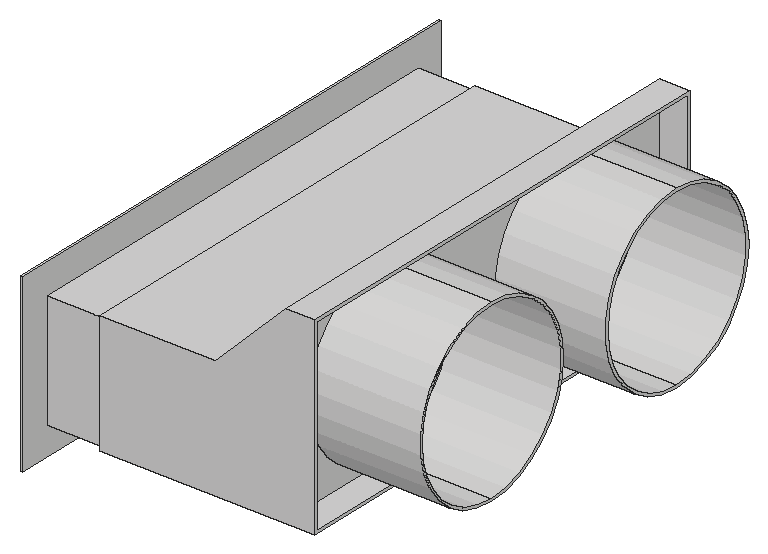
Revit family "CADS_AIRFLOWdev_AirflexPro_Round_StraightWallOutlet_Extract", category Duct Fittings, Revit 2019
Family settings
  Round Connector Dimension = Use Diameter
  Part Type = Wye
  OmniClass Number = 23.75.00.00
  OmniClass Title = Climate Control (HVAC)
  Work Plane-Based = No
  Always vertical = Yes
  Cut with Voids When Loaded = No
  Shared = No
Parameters
  f2 [instance] = Flow - f1  # 0.0 L/s
  f1 [instance] = 0.0 L/s
  WorkingPressure = 3000.0 Pa
  WeeklyMaintenance = "N/A"
  WarrantyStartDate [instance] = "1900-12-31T23:59:163"
  WarrantyPeriod = "0"
  WarrantyIdentifier = "N/A"
  WarrantyGuarantorParts = "info@airflow.com"
  WarrantyGuarantorLabor = "info@airflow.com"
  WarrantyGuarantor = "Airflow Developments Ltd"
  WarrantyEndDate [instance] = "1900-12-31T23:59:163"
  WarrantyContent = "N/A"
  Uniclass2015 = "Pr_30_59_96_92:Ventilation ducts"
  URL = ""
  Type Comments = ""
  TemperatureRange = "up to 40°C"
  TagNumber [instance] = "N/A"
  SustainabilityPerformance = "N/A"
  Status = "New"
  Size = "220-260 x 210 x 88"
  ShippingWeight = 1.08 kg
  Shape = "Rectangular"
  ServiceLifeType = "EXPECTEDSERVICELIFE"
  ServiceLifeDuration = "10"
  SerialNumber [instance] = "N/A"
  SAPApproval = yes
  RunID [instance] = "0"  # constant formula
  ReplacementCost = "87.024"
  Reinforcement = "N/A"
  RedDotDesignAward = no
  QuarterlyMaintenance = "N/A"
  Quantity = 1
  ProductionYear = "2017"
  ProductLiterature = "https://www.airflow.com/pdf/Accessories.pdf#page=3"
  PointOfContact = "Airflow Developments Ltd"
  PassiveHouseApproval = no
  NominalWidth = 210 mm
  NominalLength = 260 mm
  NominalHeight = 88 mm
  NBSCode = "45-80-50/394 Ventilation ducts"
  MonthlyMaintenance = "N/A"
  ModelReference [instance] = "9041143"
  ModelLabel [instance] = "Straight wall-outlet 200 x 50mm For use with  9041175"
  Model = ""
  Material = "Steel"
  ManufacturerWebsite = "www.airflow.com"
  ManufacturerTelephone = "01494 525252"
  ManufacturerE-Mail = "info@airflow.com"
  ManufacturerAddress = "Aidelle House\nLancaster Road\nCressex Business Park\nHigh Wycombe\nBucks\nHP123QP"
  Manufacturer = "Airflow Developments Ltd"
  MaintenanceRequired8001to12000hrs = "N/A"
  MaintenanceRequired601to1000hrs = "N/A"
  MaintenanceRequired4001to8000hrs = "N/A"
  MaintenanceRequired301to600hrs = "N/A"
  MaintenanceRequired2001to4000hrs = "N/A"
  MaintenanceRequired1001to2000hrs = "N/A"
  MaintenanceRequired0to300hrs = "N/A"
  LongitudinalSeam = "None"
  Keynote = ""
  IsExtendedWarranty = no
  InstallationDate [instance] = "1900-12-31T23:59:163"
  ISO90001 = yes
  ISO140001 = yes
  GrossWeight = 0.90 kg
  Grade = "Stainless"
  GlobalTradeItemNumber [instance] = "5019009305776"
  Flow [instance] = 0.0 L/s
  Fitting Type = "Ignore"
  FireControlPanelLinks = no
  Finish = "Lacquer"
  Features = "Straight wall-outlet 200 x 50mm For use with  9041175"
  ExpectedServiceLife = 10
  Exclusions = "N/A"
  DurationUnit = "Year"
  DailyMaintenance = "N/A"
  Constituents = "Straight wall-outlet 200 x 50mm For use with  9041175"
  Color = "Silver"
  CodePerformance = "N/A"
  CEApproval = yes
  BespokeTimeFrameMaintenance = "N/A"
  AssetType = "FIXED"
  AssetIdentifier [instance] = "N/A"
  AssemblyPlace = "UNKNOWN"
  ArticleNumber [instance] = "N/A"
  AnnualMaintenance = "N/A"
  AirflowRateRange = 18.0 L/s
  AdjustCheck [instance] = if(AdjustableLength > 100 mm, 100 mm, AdjustableLength)  # 25 mm
  AdjustableLength [instance] = 25 mm
  CADS_Index = 0
  Body = CADS_AIRFLOWdev_SteelGalvanized
  AccessibilityPerformance = "N/A"
  6MonthlyMaintenance = "Visually inspect system, clean the fan and ducting if necessary"
Reference planes
  plane 1 "Center (Front/Back)": y = 0
  plane 2: z = 0
  plane 3 "Center (Left/Right)": x = 1.5
  plane 4: x = 76.5
  plane 5: x = 26.5
  plane 6: x = 106.5
  plane 7: x = 119.2
  plane 8: z = 56.87
  plane 9: z = -26
  plane 10: z = 26
Forms (mm)
  Sweep 1, solid, material "CADS_AIRFLOWdev_SteelGalvanized" <- "Body"
    path origin (1.5, 0, 0) x (0, -1, 0) y (0, 0, -1)
      loop
        line (-100, -25) -> (100, -25) -> (100, 25) -> (-100, 25) -> (-100, -25)
    profile origin (1.5, 0, 25) x (0, 0, -1) y (1, 0, 0)
      loop
        line (-12.7, 0) -> (1, 0) -> (1, 75) -> (0, 75) -> (0, 1.082) -> (-12.7, 1.082) -> (-12.7, 0)
  Extrusion 2, solid, material "CADS_AIRFLOWdev_SteelGalvanized" <- "Body"
    sketch origin (0, 0, 0) x (1, 0, 0) y (0, 0, 1)
      loop
        line (26.5, 26) -> (26.5, -26) -> (119.2, -26) -> (119.2, 56.87) -> (106.5, 56.87) -> (76.5, 26) -> (26.5, 26)
    from -101 to 101
  Extrusion 3, void
    sketch origin (119.2, 0, 56.87) x (0, 0, -1) y (0, 1, 0)
      loop
        line (1, -100) -> (81.87, -100) -> (81.87, 100) -> (1, 100) -> (1, -100)
    from -12.7 to 0
  Extrusion 4, solid, material "CADS_AIRFLOWdev_SteelGalvanized" <- "Body"
    sketch origin (106.5, 0, 56.87) x (0, 0, -1) y (0, 1, 0)
      loop
        circle (41.435, -50) r 37.5
      loop
        circle (41.435, 50) r 37.5
      loop
        circle (41.435, -50) r 38.5
      loop
        circle (41.435, 50) r 38.5
    from 0 to 48
Cuts and joins
  Extrusion 3 cuts Extrusion 2
  joined: Extrusion 2, Extrusion 4
Dimensions and locks
  locked: plane 7 to plane 6 at 12.7
  plane 6 to plane 4 = 30 mm
  locked: plane 4 to plane 5 at 50
  equal spacing: cut or joined group of Extrusion 2, Extrusion 3, Extrusion 4, Extrusion 4 sketch curve, cut or joined group of Extrusion 2, Extrusion 3, Extrusion 4  (x2)
  Extrusion 4 sketch curve to plane 1 "Center (Front/Back)" to Extrusion 4 sketch curve = 50 mm, 50 mm
  "AdjustCheck": plane 3 "Center (Left/Right)" to plane 5
  aligned and locked: level to plane 2
  aligned and locked: plane 4 to Sweep 1 sketch curve
  aligned and locked: Extrusion 2 sketch curve to plane 7
  aligned and locked: Extrusion 2 sketch curve to plane 8
  aligned and locked: plane 9 to Extrusion 2 sketch curve
  aligned and locked: plane 5 to Extrusion 2 sketch curve
Automatic sketch dimensions
  plane 9 to Sweep 1 sketch curve = 1 mm
  Sweep 1 sketch curve to plane 1 "Center (Front/Back)" = 100 mm
  plane 1 "Center (Front/Back)" to Sweep 1 sketch curve = 100 mm
  Sweep 1 sketch curve to plane 10 = 1 mm
  Sweep 1 sketch curve to profile plane = 0 mm  (x2)
  profile plane to Sweep 1 sketch curve = 12.7 mm
  Sweep 1 sketch curve to profile plane = 1 mm
  profile plane to Sweep 1 sketch curve = 1.082 mm
  Extrusion 2 sketch curve to plane 4 = 0 mm
  Extrusion 2 sketch curve to plane 6 = 0 mm
  Extrusion 2 sketch curve to plane 10 = 0 mm
  Extrusion 3 sketch curve to Extrusion 2 = 1 mm
  Extrusion 2 to Extrusion 3 sketch curve = 1 mm  (x3)
  Extrusion 4 sketch curve to Extrusion 4 sketch curve = 0 mm  (x4)
  radius of Extrusion 4 sketch curve = 37.5 mm  (x2)
  radius of Extrusion 4 sketch curve = 38.5 mm  (x2)
Connectors
  hvac at (106.5, 50, 15.435), driven by "f1"
    settings: on cut or joined group of Extrusion 2, Extrusion 3, Extrusion 4, index 1, duct flow 0.0 L/s, flow factor 0, pres drop 0.0 Pa, loss coef 0, conn angle 0.00°, conn width 304.8 mm, conn height 304.8 mm, conn diameter 75 mm, duct sys type 2, conn prof type 0, flow config 1, flow direction 2, loss method 0, conn ref index -1, conn util no, is conn primary no, conn desc ""
  hvac at (106.5, -50, 15.435), driven by "f2"
    settings: on cut or joined group of Extrusion 2, Extrusion 3, Extrusion 4, index 2, duct flow 0.0 L/s, flow factor 0, pres drop 0.0 Pa, loss coef 0, conn angle 0.00°, conn width 304.8 mm, conn height 304.8 mm, conn diameter 75 mm, duct sys type 2, conn prof type 0, flow config 1, flow direction 2, loss method 0, conn ref index -1, conn util no, is conn primary no, conn desc ""
  hvac at (1.5, 0, 0), driven by "Flow"
    settings: on Sweep 1, index 3, duct flow 0.0 L/s, flow factor 0, pres drop 0.0 Pa, loss coef 0, conn angle 0.00°, conn width 204 mm, conn height 60 mm, conn diameter 609.6 mm, duct sys type 2, conn prof type 1, flow config 0, flow direction 1, loss method 0, conn ref index -1, conn util no, is conn primary yes, conn desc ""
